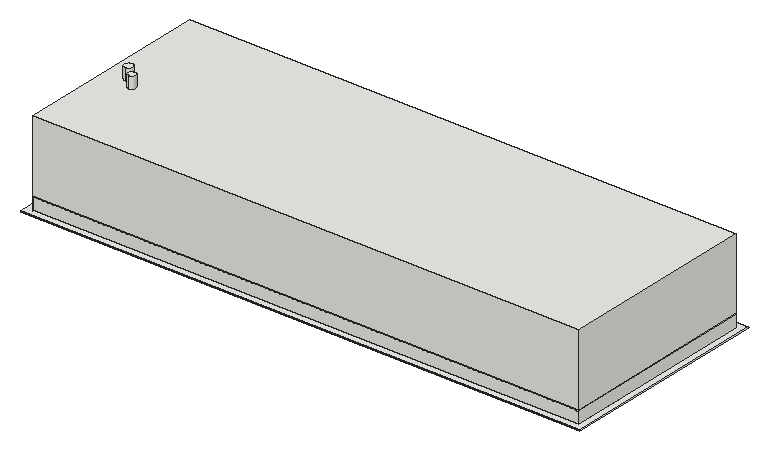
Revit family "AIRTECNICS_AIR CURTAIN_RECESSED WINDBOX_MG_DX-VRV_(DAIKIN)_0", category Mechanical Equipment, Revit 2016
Family settings
  Part Type = Normal
  Round Connector Dimension = Use Diameter
  OmniClass Number = 23.75.70.21.17
  OmniClass Title = Air Curtains
  Work Plane-Based = No
  Always vertical = Yes
  Cut with Voids When Loaded = No
  Shared = No
  Room Calculation Point = No
Parameters (values of type "WINDBOX RECM 2000 DX16-DA")
  · PIPES POSITION · [instance] = "-/ Select Pipes Position /-"  # constant formula
  · OTHERS · [instance] = "-/ Select Supports - Inst.Maint. Space /-"  # constant formula
  · HEATING · = "-/ Heating /-"  # constant formula
  · EXTERNAL UNIT · [instance] = "-/ External Unit Type /-"  # constant formula
  · COIL ROWS · = "-/ DX Coil Rows /-"  # constant formula
  Weight [instance] = size_lookup(Name_Lookup_Data, "Weight", 1.00 kg, CM, CT, CH, CR)  # 122.00 kg
  Voltage [instance] = 230 V  # constant formula
  URL_Manufacturer = "https://www.airtecnics.com"
  URL_Datasheet = "https://www.airtecnics.com/download/file/5855/recessed-windbox-dx-daikin-1-1-and-vrv.pdf"
  Triple Phase (External Ut.) [instance] = yes
  Supports Length [instance] = 500.0 mm
  Supports (Horizontal) [instance] = no
  Single Phase (External Ut.) [instance] = not([Triple Phase (External Ut.)])  # no
  Revit Version = "Revit 2016 - English"  # constant formula
  Review Date = "11/18"  # constant formula
  Remote Control = "-"  # constant formula
  Refrigerant Pipes_P4 [instance] = no
  Refrigerant Pipes_P3 [instance] = no
  Refrigerant Pipes_P2 [instance] = if(CW = 0, 1 = 1, 1 = 0)  # yes
  Refrigerant Pipes_P1 [instance] = no
  Product Size = if(CT = 2, "1000", if(CT = 4, "1500", if(CT = 8, "2000", if(CT = 16, "2500", if(CT = 32, "3000", "Consult Manufacturer")))))  # "2000"
  Product Reference [instance] = size_lookup(Name_Lookup_Ref, "", "Consult Manufacturer", CM, CT, CH, CR)  # "RECM 2000 DX16-DA"
  Product Heating [instance] = if(DX 1:1, "Direct Expansion 1:1 system", "Direct Expansion VRV system")  # "Direct Expansion 1:1 system"
  Product Description [instance] = size_lookup(Name_Lookup_Data, "", "Consult Manufacturer", CM, CT, CH, CR)  # "Energy saving heat pump air curtain: Up to 70% reduction in costs and CO2 emissions (heating mode).\r\nSelf-supporting casing construction made of galvanized steel plate, ready to be installed recessed in a false ceiling. \r\nInlet grille (free of maintenance) made with aluminium profiles and blow-out nozzle, integrated in a single white frame colour RAL 9016. Other colours are available on request.  Internal prefilter included.\r\nAnodized aluminium outlet vanes, airfoil shaped, adjustable in both directions.\r\nDouble-inlet centrifugal fans driven by an external rotor motor and low noise level. 5-speed selector. EC models assembled with very low consumption efficiency fans. \r\nIncludes only heating direct expansion coil with installed temperature sensors. Under request it can be modified to work in cooling and heating mode (not recomended) with optional condensate water pump.\r\nPlug&Play control panel CS-5DX-NE slave DX with 5 speeds selector and 7m telephone cable included.\r\nReady to connect to DAIKIN Inverter outdoor heat pump unit (R410A) and EKEXV125 expansion valve not included, the customer should purchase it.\r\nRequires EKEQDCB DAIKIN DX Interface KIT adapted for air curtain and BRC1H519W programmable control, please consult.\r\nAir Volume: 3280 m3/h \r\nFans:  0,284 kW  2,48 A 230Vx1 50/60Hz\r\nHeating capacity: 16,00 kW\r\nDimensions: 770x310x2050 mm (depth, height, length)\r\nNOT SUPPLIED BY AIRTÈCNICS:\r\nEKEQDCB Interface DX kit and BRC1H519W programmable control.\r\nExpansion valve EKEXV125.\r\nExternal unit:\r\nOption 1: ERQ 125 AV1\r\nExternal unit Daikin, single phase motor 230Vx1 50Hz.\r\nHeating capacity 16kW. Heating power: 3,86kW. COP 4,15.\r\nCooling capacity 14kW. Cooling power 3,51kW. EER 3,99.\r\nCooling circuits 5/8\" - 3/8\".\r\nMaximum length 55m.\r\nDesnivell màxim 35m.\r\nOption 2: ERQ 125 AW1\r\nExternal unit Daikin, triple phase motor 400Vx3 50Hz.\r\nHeating capacity 16kW. Heating power: 4kW. COP 4.\r\nCooling capacity 14kW. Cooling power 3,52kW. EER 3,98.\r\nCooling circuits 5/8\" - 3/8\".\r\nMaximum length 55m.\r\nDesnivell màxim 30m."
  Power Fans Factor [instance] = size_lookup(Name_Lookup_Data, "Power Fans Factor", 1, CM, CT, CH, CR)  # 0.5
  Power Fans [instance] = size_lookup(Name_Lookup_Data, "Power Fans", 1 kW, CM, CT, CH, CR)  # 0.284 kW
  Noise Level (dB(A)) [instance] = size_lookup(Name_Lookup_Data, "Noise Level (dB(A))", 1, CM, CT, CH, CR)  # 58
  Name_Lookup_Ref_EU = "R_WINDBOX_MG_(DX)_DA_Ref_EU_Lookup"  # constant formula
  Name_Lookup_Ref = "R_WINDBOX_MG_(DX)_DA_Ref_Lookup"  # constant formula
  Name_Lookup_Data3 = "R_WINDBOX_MG_(DX)_DA_ExpValve_Lookup"  # constant formula
  Name_Lookup_Data2 = "R_WINDBOX_MG_(DX)_DA_Mainfolds_Lookup"  # constant formula
  Name_Lookup_Data = "R_WINDBOX_MG_(DX)_DA_Data_Lookup"  # constant formula
  Material Inlet Grille [instance] = AIRTECNICS_White RAL 9016
  Material Curtain [instance] = AIRTECNICS_White RAL 9016
  Mainfolds [instance] = size_lookup(Name_Lookup_Data2, "", "Consult Manufacturer", CM, CT, CH, CR)  # "5/8 & 3/8"
  M = yes
  Length = if(CT = 2, 1050.0 mm, if(CT = 4, 1550.0 mm, if(CT = 8, 2050.0 mm, if(CT = 16, 2550.0 mm, L + 50.0 mm))))  # 2050.0 mm
  IfcExportType = "DXCOOLINGCOIL"  # constant formula
  IfcExportAs = "IfcCoilType"  # constant formula
  Height = 310.0 mm  # constant formula
  Heating Capacity [instance] = size_lookup(Name_Lookup_Data, "Heating Capacity", 1 kW, CM, CT, CH, CR)  # 16 kW
  Gas Coil Volume [instance] = size_lookup(Name_Lookup_Data, "Gas Coil Volume", 1.00 L, CM, CT, CH, CR)  # 3.10 L
  G = no
  Frequency = 50 Hz  # constant formula
  Fans Stage = 5  # constant formula
  Family Version = "1.0"  # constant formula
  External Ut. Reference [instance] = size_lookup(Name_Lookup_Ref_EU, "", "Consult Manufacturer", CM, CT, CH, CR, CEU)  # "ERQ 125 AW1"
  Expansion Valve [instance] = size_lookup(Name_Lookup_Data3, "", "Consult Manufacturer", CM, CT, CH, CR)  # "EKEXV 125"
  EC = yes
  Dn_Metric_Refrig_Liquid [instance] = size_lookup(Name_Lookup_Data2, "Dn_Liquid", 1 mm, CM, CT, CH, CR)  # 10 mm
  Dn_Metric_Refrig_Gas [instance] = size_lookup(Name_Lookup_Data2, "Dn_Gas", 1 mm, CM, CT, CH, CR)  # 16 mm
  Depth = 770.0 mm  # constant formula
  DX VRV = not(DX 1:1)  # no
  DX Kit [instance] = if(DX VRV, "EKEQMCBA", "EKEQDCB")  # "EKEQDCB"
  DX Controller [instance] = "BRC1H519W"  # constant formula
  DX Coil Rows = 4 = no
  DX Coil Rows = 3 = not([DX Coil Rows = 4])  # yes
  DX Coil Rows [instance] = if(CR = 2, 4, if(CR = 4, 3, if(CR = 0, 2, 0)))  # 3
  DX 1:1 = yes
  Current Fans [instance] = size_lookup(Name_Lookup_Data, "Current Fans", 1 A, CM, CT, CH, CR)  # 2.48 A
  Created by = "BIMETRICAL"  # constant formula
  Control [instance] = "CS-5DX-NE"  # constant formula
  Capacity_Frig_Liquid [instance] = 0 m³/h
  Capacity_Frig_Gas [instance] = 0 m³/h
  Cable = "CB7"  # constant formula
  URL = "https://www.airtecnics.com/products/heat-pump-air-curtain-recessed-windbox-for-daikin"
  Model = "Air Curtain Recessed Windbox M,G DX/VRV DA"  # constant formula
  L = 2000.0 mm
  Type Image = <None>
  Manufacturer = "AIRTECNICS"  # constant formula
  Description = ""
  Type Comments = "Energy saving heat pump air curtain: Up to 70% reduction in costs and CO2 emissions (heating mode).\r\nSelf-supporting casing construction made of galvanized steel plate, ready to be installed recessed in a false ceiling. \r\nInlet grille (free of maintenance) made with aluminium profiles and blow-out nozzle, integrated in a single white frame colour RAL 9016. Other colours are available on request.  Internal prefilter included.\r\nAnodized aluminium outlet vanes, airfoil shaped, adjustable in both directions.\r\nDouble-inlet centrifugal fans driven by an external rotor motor and low noise level. 5-speed selector. EC models assembled with very low consumption efficiency fans. \r\nIncludes only heating direct expansion coil with installed temperature sensors. Under request it can be modified to work in cooling and heating mode (not recomended) with optional condensate water pump.\r\nPlug&Play control panel CS-5DX-NE slave DX with 5 speeds selector and 7m telephone cable included.\r\nDX 1:1:\r\nReady to connect to DAIKIN Inverter outdoor heat pump unit (R410A) and expansion valve not included, the customer should purchase it.\r\nRequires  DAIKIN DX Interface KIT adapted for air curtain and  programmable control, please consult.\r\nDX VRF:\r\nReady to connect to DAIKIN VRV outdoor heat pump unit (R410A) and expansion valve not included, the customer should purchase it.\r\nRequires  DAIKIN VRV Interface KIT adapted for air curtain and  programmable control, please consult."  # constant formula
  CW [instance] = if(Refrigerant Pipes_P1, 2, 0) + if(Refrigerant Pipes_P3, 4, 0) + if(Refrigerant Pipes_P4, 8, 0)  # 0
  CT = if(L = 1000.0 mm, 2, 0) + if(L = 1500.0 mm, 4, 0) + if(L = 2000.0 mm, 8, 0) + if(L = 2500.0 mm, 16, 0) + if(L = 3000.0 mm, 32, 0)  # 8
  CR [instance] = if([DX Coil Rows = 4], 2, 0) + if([DX Coil Rows = 3], 4, 0)  # 4
  CM = if(M, 2, 0) + if(EC, 4, 0) + if(G, 8, 0)  # 6
  CH [instance] = if(DX 1:1, 2, 0) + if(DX VRV, 4, 0)  # 2
  CEU [instance] = if([Single Phase (External Ut.)], 2, 0) + if([Triple Phase (External Ut.)], 4, 0)  # 4
  BIMETRICAL Category = "Coil"  # constant formula
  BIMETRICAL = "http://www.bimetrical.com/"  # constant formula
  Aspiration/Maintenance Space [instance] = no
  Apparent Load [instance] = size_lookup(Name_Lookup_Data, "Apparent Load", 1 VA, CM, CT, CH, CR)  # 568 VA
  Airflow [instance] = size_lookup(Name_Lookup_Data, "Airflow", 1 m³/h, CM, CT, CH, CR)  # 3280 m³/h
Reference planes
  plane 1 "Centro (Frontal/Posterior)": z = 0
  plane 2: y = 246.57
  plane 3 "Centro (Izquierda/Derecha)": x = 0
Nested families
  nested 1: "GEOM_WINDBOX_P_RECESSED_DX" at (0, 130, 48), L <- "L", ViHS <- "Supports (Horizontal)", Support Length <- "Supports Length", Aspiration/Maintenance Space <- "Aspiration/Maintenance Space", CW <- "CW", Material Curtain <- "Material Curtain", Material Inlet Grille <- "Material Inlet Grille", type "Air curtain Recessed Windbox DX"
    with ViHSC no, ViHS no, Vi2 no, Vi1 yes, TI 9, Support Length 500.0 mm, Position Water pipes OUT connection "--------------------------------", Position Water pipes IN connection "--------------------------------", Material Inlet Grille AIRTECNICS_White RAL 9016, Material Curtain AIRTECNICS_White RAL 9016, LiS 760.0 mm, Li9 114.0 mm, Li8 0.0 mm, Li7 52.0 mm, Li6 720.0 mm, Li16 10.0 mm, Li15 10.0 mm, Li14 260.0 mm, Li13 76.0 mm, Li12 0.0 mm, Li11 85.0 mm, Li10 260.0 mm, L 2000.0 mm, D_Liquid 27.0 mm, D_Gas 31.0 mm, CW 0, Aspiration/Maintenance Space no, AnWCO 90.00°, AnWCI 90.00°
Connectors
  electrical at (859, 510.57, 308), driven by "Voltage", driven by "Apparent Load", driven by "Power Fans Factor", driven by "Apparent Load"
    settings: on nested 1, index 1, voltage 230 V, apparent load 568 VA, apparent load phase1 568 VA, apparent load phase2 0 VA, apparent load phase3 0 VA, power factor 0.5, load classification "HVAC", number of poles 1, system type 30, power factor state 1, is connector primary yes, connector utility no, sub classification motor no, connector description ""
  piping at (-924, 231.57, 348), diameter 16, driven by "Dn_Metric_Refrig_Gas", driven by "Capacity_Frig_Gas"
    settings: on nested 1, index 2, connector inside diameter 609.6 mm, connector length 0.0 mm, flow factor 0, pipe flow 0 m³/h, pressure drop 0.0 Pa, fitting loss kfactor 0, connector angle 0.00°, fixture units 0, engagement length 0.0 mm, angle of deflection 0.00°, flow configuration 1, flow direction 1, fitting loss method 0, system type 7, joint type 0, gender type 0, connector reference index -1, connector utility 0, adjustable connector no, is connector primary yes, connector description "(gas) refrigerant connection"
  piping at (-886, 198.57, 348), diameter 10, driven by "Dn_Metric_Refrig_Liquid", driven by "Capacity_Frig_Liquid"
    settings: on nested 1, index 3, connector inside diameter 609.6 mm, connector length 0.0 mm, flow factor 0, pipe flow 0 m³/h, pressure drop 0.0 Pa, fitting loss kfactor 0, connector angle 0.00°, fixture units 0, engagement length 0.0 mm, angle of deflection 0.00°, flow configuration 1, flow direction 2, fitting loss method 0, system type 8, joint type 0, gender type 0, connector reference index -1, connector utility 0, adjustable connector no, is connector primary no, connector description "(liquid) refrigerant connection"
Definition of nested family "GEOM_WINDBOX_P_RECESSED_DX"
  Parameters (values of type "Air curtain Recessed Windbox DX")
    ViHSC [instance] = if(and(ViHS, L > 1000.0 mm), 1 = 1, 1 = 0)  # no
    Vi2 [instance] = if(L = 2500.0 mm, 1 = 1, 1 = 0)  # yes
    Vi1 [instance] = not(Vi2)  # no
    TI [instance] = if(L = 1000.0 mm, 5, if(L = 1500.0 mm, 7, if(L = 2000.0 mm, 9, if(L = 2500.0 mm, 11, L / 200.0 mm))))  # 11
    Name_Lookup_WaterCoils = "R_WINDBOX_MG_DX_(P)_WaterCoil_Lookup"  # constant formula
    Material Outlet Grille = none
    Material II = none
    Material I = none
    Material Inlet Grille [instance] = none
    Li16 [instance] = if(CW = 2, 100.0 mm, 10.0 mm)  # 10.0 mm
    Li15 [instance] = if(CW = 8, 100.0 mm, 10.0 mm)  # 10.0 mm
    Li14 [instance] = size_lookup(Name_Lookup_WaterCoils, "Li14", 260.0 mm, CW)  # 260.0 mm
    Li13 [instance] = if(CW = 4, L - 114.0 mm, if(CW = 2, 1.0 mm, if(CW = 8, L - 1.0 mm, 76.0 mm)))  # 76.0 mm
    Li12 [instance] = size_lookup(Name_Lookup_WaterCoils, "Li12", 0.0 mm, CW)  # 0.0 mm
    Li11 [instance] = size_lookup(Name_Lookup_WaterCoils, "Li11", 85.0 mm, CW)  # 85.0 mm
    D_Liquid [instance] = 27.0 mm  # constant formula
    D_Gas [instance] = 31.0 mm  # constant formula
    CW [instance] = 0
    AnWCO [instance] = size_lookup(Name_Lookup_WaterCoils, "AnWCO", 90.00°, CW)  # 90.00°
    Position Water pipes IN connection [instance] = "--------------------------------"  # constant formula
    Position Water pipes OUT connection [instance] = "--------------------------------"  # constant formula
    ViHS [instance] = no
    Support Length [instance] = 500.0 mm
    AnWCI [instance] = size_lookup(Name_Lookup_WaterCoils, "AnWCI", 90.00°, CW)  # 90.00°
    LiS [instance] = Support Length + 260.0 mm  # 760.0 mm
    Revit Version = "Revit 2016 - English"  # constant formula
    Review Date = "11/18"  # constant formula
    Material Curtain [instance] = none
    Li9 [instance] = if(CW = 4, L - 76.0 mm, if(CW = 2, 1.0 mm, if(CW = 8, L - 1.0 mm, 114.0 mm)))  # 114.0 mm
    Li7 [instance] = size_lookup(Name_Lookup_WaterCoils, "Li7", 52.0 mm, CW)  # 52.0 mm
    Li6 [instance] = Depth  # 720.0 mm
    Li8 [instance] = size_lookup(Name_Lookup_WaterCoils, "Li8", 0.0 mm, CW)  # 0.0 mm
    Li10 [instance] = size_lookup(Name_Lookup_WaterCoils, "Li10", 260.0 mm, CW)  # 260.0 mm
    Family Version = "1.0"  # constant formula
    Depth = 720.0 mm  # constant formula
    Default Elevation = 1219.2 mm
    Created by = "BIMETRICAL"  # constant formula
    URL = "https://www.airtecnics.com/products/heat-pump-and-energy-saving-air-curtains"
    Model = "Air curtain Recessed Windbox DX"  # constant formula
    L [instance] = 2500.0 mm
    Type Image = (empty or 0)
    Manufacturer = "AIRTECNICS"  # constant formula
    Description = "AIRTECNICS_Air curtain Recessed Windbox DX"  # constant formula
    Type Comments = ""
    BIMETRICAL Category = "Fan"  # constant formula
    BIMETRICAL = "http://www.bimetrical.com/"  # constant formula
    Aspiration/Maintenance Space [instance] = no
  Reference planes
    plane 1 "Centro (Frontal/Posterior)": z = 0
    plane 2: y = 246.57
    plane 3 "Centro (Izquierda/Derecha)": x = 0
    plane 4: z = 260
    plane 5: y = 476.57
    plane 6: y = 16.57
    plane 7: x = -1250
    plane 8: x = 1250
    plane 9: x = -1210
    plane 10: x = 1210
    plane 11: y = 442.57
    plane 12: y = 145.57
    plane 13: y = -223.43
    plane 14: x = -1136
    plane 15 "P1-01": y = 68.57
    plane 16 "P1-02": z = 0
    plane 17 "P2-01": x = -1174
    plane 18 "P2-02": z = 0
    plane 19 "P2-03": y = 101.57
    plane 20: y = -243.43
    plane 21: y = 501.57
    plane 22: x = 1275
    plane 23: y = -268.43
    plane 24: z = -48
    plane 25: z = -50
    plane 26: x = 1248
    plane 27: x = -1248
    plane 28: x = -418.5
    plane 29: x = 418.5
    plane 30: x = -1203.5
    plane 31: x = 1203.5
    plane 32: x = -962.8
    plane 33: x = -722.1
    plane 34: x = -481.4
    plane 35: z = -250
    plane 36: y = -241.454
    plane 37: y = -9.53
    plane 38: x = 1335
    plane 39: x = -1425
    plane 40: x = -240.7
    plane 41: x = 0
    plane 42: x = 240.7
    plane 43: x = 481.4
    plane 44: x = 722.1
    plane 45: x = 962.8
  Forms (mm)
    Extrusion 1, solid, material <- "Material Inlet Grille"
      sketch origin (0, 0, -50) x (1, 0, 0) y (0, 1, 0)
        loop
          line (-1250, 476.57) -> (-1250, -243.43) -> (1250, -243.43) -> (1250, 476.57) -> (-1250, 476.57)
      from 0 to 50
    Extrusion 2, void, detail levels medium+fine
      sketch origin (0, 0, -50) x (1, 0, 0) y (0, 1, 0)
        loop
          line (-1249, 474.57) -> (-1249, 387.47) -> (1249, 387.47) -> (1249, 474.57) -> (-1249, 474.57)
      from 0 to 46
    Extrusion 3, solid, material <- "Material Curtain", not visible
      sketch origin (559.734, 0, 0) x (1, 0, 0) y (0, 1, 0)
        loop
          line (613.266, 405.57) -> (485.266, 405.57) -> (485.266, 355.57) -> (613.266, 355.57) -> (613.266, 405.57)
      from 260 to 259
    Extrusion 4, solid, visible <- "ViHS"
      sketch origin (0, 0, 0) x (1, 0, 0) y (0, 1, 0)
        loop
          circle (-1210, 442.57) r 3.375
      from 260 to 760 <- "LiS"
    Extrusion 5, solid, visible <- "ViHSC"
      sketch origin (1185, 0, 0) x (1, 0, 0) y (0, 1, 0)
        loop
          circle (-1185, 442.57) r 3.375
      from 260 to 760 <- "LiS"
    Extrusion 6, solid, visible <- "ViHS"
      sketch origin (2385, 0, 0) x (1, 0, 0) y (0, 1, 0)
        loop
          circle (-1175, 442.57) r 3.375
      from 260 to 760 <- "LiS"
    Extrusion 7, solid, visible <- "ViHSC"
      sketch origin (1185, -240, 0) x (1, 0, 0) y (0, 1, 0)
        loop
          circle (-1185, 385.57) r 3.375
      from 260 to 760 <- "LiS"
    Extrusion 8, solid, visible <- "ViHS"
      sketch origin (2344.293, -280.483, 0) x (1, 0, 0) y (0, 1, 0)
        loop
          circle (-1134.293, 426.053) r 3.375
      from 260 to 760 <- "LiS"
    Extrusion 9, solid, visible <- "ViHS"
      sketch origin (9.293, -280.483, 0) x (1, 0, 0) y (0, 1, 0)
        loop
          circle (-1219.293, 426.053) r 3.375
      from 260 to 760 <- "LiS"
    Extrusion 10, solid, visible <- "Aspiration/Maintenance Space"
      sketch origin (0, 0, -50) x (1, 0, 0) y (0, 1, 0)
        loop
          line (-1250, 476.57) -> (-1250, -243.43) -> (1250, -243.43) -> (1250, 476.57) -> (-1250, 476.57)
      from 310 to 410
    Extrusion 11, solid, visible <- "Aspiration/Maintenance Space"
      sketch origin (230, 246.57, 5) x (1, 0, 0) y (0, 0, 1)
        loop
          line (1020, 255) -> (1020, -53) -> (1030, -53) -> (1030, 255) -> (1020, 255)
      from -230 to 490
    Extrusion 12, solid, visible <- "Aspiration/Maintenance Space"
      sketch origin (-2520, 246.57, 5) x (1, 0, 0) y (0, 0, 1)
        loop
          line (1260, 255) -> (1260, -53) -> (1270, -53) -> (1270, 255) -> (1260, 255)
      from -230 to 490
    Extrusion 13, solid, visible <- "ViHSC"
      sketch origin (1185, -609, 0) x (1, 0, 0) y (0, 1, 0)
        loop
          circle (-1185, 385.57) r 3.375
      from 260 to 760 <- "LiS"
    Extrusion 14, solid, visible <- "ViHS"
      sketch origin (2344.293, -649.483, 0) x (1, 0, 0) y (0, 1, 0)
        loop
          circle (-1134.293, 426.053) r 3.375
      from 260 to 760 <- "LiS"
    Extrusion 15, solid, visible <- "ViHS"
      sketch origin (9.293, -649.483, 0) x (1, 0, 0) y (0, 1, 0)
        loop
          circle (-1219.293, 426.053) r 3.375
      from 260 to 760 <- "LiS"
    Extrusion 16, solid, material <- "Material Curtain"
      sketch origin (-1174, 101.57, 260) x (0, -1, 0) y (1, 0, 0)
        loop
          circle (0, 0) r 15.5
      from 0 to 40
    Extrusion 17, solid, material <- "Material Curtain"
      sketch origin (-1136, 68.57, 260) x (0, -1, 0) y (1, 0, 0)
        loop
          circle (0, 0) r 13.5
      from 0 to 40
    Extrusion 18, solid, material <- "Material Inlet Grille"
      sketch origin (-54.078, -166.435, -50) x (1, 0, 0) y (0, 1, 0)
        loop
          line (-1220.922, -101.996) -> (1329.078, -101.996) -> (1329.078, 668.004) -> (-1220.922, 668.004) -> (-1220.922, -101.996)
        loop
          line (-1195.922, -76.996) -> (1304.078, -76.996) -> (1304.078, 643.004) -> (-1195.922, 643.004) -> (-1195.922, -76.996)
      from 0 to 2
    Sweep 19, void
      path origin (0, 0, -50) x (1, 0, 0) y (0, 1, 0)
        loop
          line (-1250, 476.57) -> (-1250, -243.43) -> (1250, -243.43) -> (1250, 476.57) -> (-1250, 476.57)
      profile origin (0, 476.57, -50) x (0, 1, 0) y (0, 0, 1)
        loop
          line (0, 46) -> (0, 50) -> (-4, 50)
          arc (-4, 50) -> (-1.172, 48.828) -> (0, 46) r 4
    Extrusion 20, solid, material <- "Material Outlet Grille"
      sketch origin (0, 0, 0) x (0, 1, 0) y (0, 0, 1)
        loop
          line (452.413, -27.506) -> (455.591, -46.036)
          arc (455.591, -46.036) -> (457.07, -47.282) -> (458.548, -46.036) r 1.5
          line (458.548, -46.036) -> (461.726, -27.506)
          arc (461.726, -27.506) -> (457.07, -21.982) -> (452.413, -27.506) r 4.725
        loop
          arc (429.342, -46.036) -> (430.82, -47.282) -> (432.299, -46.036) r 1.5
          line (432.299, -46.036) -> (435.477, -27.506)
          arc (435.477, -27.506) -> (430.82, -21.982) -> (426.163, -27.506) r 4.725
          line (426.163, -27.506) -> (429.342, -46.036)
        loop
          arc (409.976, -27.506) -> (405.319, -21.982) -> (400.662, -27.506) r 4.725
          line (400.662, -27.506) -> (403.84, -46.036)
          arc (403.84, -46.036) -> (405.319, -47.282) -> (406.797, -46.036) r 1.5
          line (406.797, -46.036) -> (409.976, -27.506)
      from -1248 to 1248
    Extrusion 21, void, detail levels medium+fine
      sketch origin (0, -484.3, -50) x (1, 0, 0) y (0, 1, 0)
        loop
          line (-1249, 474.77) -> (-1249, 242.846) -> (1249, 242.846) -> (1249, 474.77) -> (-1249, 474.77)
      from 0 to 46
    Extrusion 22, solid, material <- "Material Curtain"
      sketch origin (0, 0, -50) x (1, 0, 0) y (0, 1, 0)
        loop
          line (-1250, 476.57) -> (-1250, -243.43) -> (1250, -243.43) -> (1250, 476.57) -> (-1250, 476.57)
      from 50 to 310
    Extrusion 23, solid, material <- "Material II", visible <- "Vi1"
      sketch origin (0, 0, 0) x (0, 1, 0) y (0, 0, 1)
        loop
          line (474.57, -4) -> (400.57, -4) -> (400.57, -47.504) -> (474.57, -47.504) -> (474.57, -4)
      from -7.5 to 7.5
    Extrusion 24, solid, material <- "Material I"
      sketch origin (1191.816, 0, 0) x (0, 1, 0) y (0, 0, 1)
        loop
          arc (402.126, -44.927) -> (403.13, -46.77) -> (405.096, -47.504) r 3
          line (405.096, -47.504) -> (431.043, -47.504)
          arc (431.043, -47.504) -> (433.022, -46.759) -> (434.017, -44.893) r 3
          line (434.017, -44.893) -> (437.046, -21.725)
          arc (437.046, -21.725) -> (436.086, -18.568) -> (433.08, -17.207) r 4
          line (433.08, -17.207) -> (403.059, -17.207)
          arc (403.059, -17.207) -> (400.04, -18.583) -> (399.098, -21.764) r 4
          line (399.098, -21.764) -> (402.126, -44.927)
      from 53.181 to 56.184
    Extrusion 25, solid, material <- "Material I", visible <- "Vi1"
      sketch origin (-45.681, 0, 0) x (0, 1, 0) y (0, 0, 1)
        loop
          arc (402.126, -44.927) -> (403.13, -46.77) -> (405.096, -47.504) r 3
          line (405.096, -47.504) -> (431.043, -47.504)
          arc (431.043, -47.504) -> (433.022, -46.759) -> (434.017, -44.893) r 3
          line (434.017, -44.893) -> (437.046, -21.725)
          arc (437.046, -21.725) -> (436.086, -18.568) -> (433.08, -17.207) r 4
          line (433.08, -17.207) -> (403.059, -17.207)
          arc (403.059, -17.207) -> (400.04, -18.583) -> (399.098, -21.764) r 4
          line (399.098, -21.764) -> (402.126, -44.927)
      from 53.181 to 56.184
    Extrusion 26, solid, material <- "Material I", visible <- "Vi1"
      sketch origin (-63.684, 0, 0) x (0, 1, 0) y (0, 0, 1)
        loop
          arc (402.126, -44.927) -> (403.13, -46.77) -> (405.096, -47.504) r 3
          line (405.096, -47.504) -> (431.043, -47.504)
          arc (431.043, -47.504) -> (433.022, -46.759) -> (434.017, -44.893) r 3
          line (434.017, -44.893) -> (437.046, -21.725)
          arc (437.046, -21.725) -> (436.086, -18.568) -> (433.08, -17.207) r 4
          line (433.08, -17.207) -> (403.059, -17.207)
          arc (403.059, -17.207) -> (400.04, -18.583) -> (399.098, -21.764) r 4
          line (399.098, -21.764) -> (402.126, -44.927)
      from 53.181 to 56.184
    Extrusion 27, solid, material <- "Material II", visible <- "Vi2", not visible
      sketch origin (0, 0, 0) x (0, 1, 0) y (0, 0, 1)
        loop
          line (474.57, -4) -> (400.57, -4) -> (400.57, -47.504) -> (474.57, -47.504) -> (474.57, -4)
      from -7.5 to 7.5
    Extrusion 28, solid, material <- "Material I", visible <- "Vi2", not visible
      sketch origin (-45.681, 0, 0) x (0, 1, 0) y (0, 0, 1)
        loop
          arc (402.126, -44.927) -> (403.13, -46.77) -> (405.096, -47.504) r 3
          line (405.096, -47.504) -> (431.043, -47.504)
          arc (431.043, -47.504) -> (433.022, -46.759) -> (434.017, -44.893) r 3
          line (434.017, -44.893) -> (437.046, -21.725)
          arc (437.046, -21.725) -> (436.086, -18.568) -> (433.08, -17.207) r 4
          line (433.08, -17.207) -> (403.059, -17.207)
          arc (403.059, -17.207) -> (400.04, -18.583) -> (399.098, -21.764) r 4
          line (399.098, -21.764) -> (402.126, -44.927)
      from 53.181 to 56.184
    Extrusion 29, solid, material <- "Material I", visible <- "Vi2", not visible
      sketch origin (-63.684, 0, 0) x (0, 1, 0) y (0, 0, 1)
        loop
          arc (402.126, -44.927) -> (403.13, -46.77) -> (405.096, -47.504) r 3
          line (405.096, -47.504) -> (431.043, -47.504)
          arc (431.043, -47.504) -> (433.022, -46.759) -> (434.017, -44.893) r 3
          line (434.017, -44.893) -> (437.046, -21.725)
          arc (437.046, -21.725) -> (436.086, -18.568) -> (433.08, -17.207) r 4
          line (433.08, -17.207) -> (403.059, -17.207)
          arc (403.059, -17.207) -> (400.04, -18.583) -> (399.098, -21.764) r 4
          line (399.098, -21.764) -> (402.126, -44.927)
      from 53.181 to 56.184
    Extrusion 30, solid, material <- "Material II", visible <- "Vi2"
      sketch origin (418.5, 0, 0) x (0, 1, 0) y (0, 0, 1)
        loop
          line (474.57, -4) -> (400.57, -4) -> (400.57, -47.504) -> (474.57, -47.504) -> (474.57, -4)
      from -7.5 to 7.5
    Extrusion 31, solid, material <- "Material I", visible <- "Vi2"
      sketch origin (372.819, 0, 0) x (0, 1, 0) y (0, 0, 1)
        loop
          arc (402.126, -44.927) -> (403.13, -46.77) -> (405.096, -47.504) r 3
          line (405.096, -47.504) -> (431.043, -47.504)
          arc (431.043, -47.504) -> (433.022, -46.759) -> (434.017, -44.893) r 3
          line (434.017, -44.893) -> (437.046, -21.725)
          arc (437.046, -21.725) -> (436.086, -18.568) -> (433.08, -17.207) r 4
          line (433.08, -17.207) -> (403.059, -17.207)
          arc (403.059, -17.207) -> (400.04, -18.583) -> (399.098, -21.764) r 4
          line (399.098, -21.764) -> (402.126, -44.927)
      from 53.181 to 56.184
    Extrusion 32, solid, material <- "Material I", visible <- "Vi2"
      sketch origin (354.816, 0, 0) x (0, 1, 0) y (0, 0, 1)
        loop
          arc (402.126, -44.927) -> (403.13, -46.77) -> (405.096, -47.504) r 3
          line (405.096, -47.504) -> (431.043, -47.504)
          arc (431.043, -47.504) -> (433.022, -46.759) -> (434.017, -44.893) r 3
          line (434.017, -44.893) -> (437.046, -21.725)
          arc (437.046, -21.725) -> (436.086, -18.568) -> (433.08, -17.207) r 4
          line (433.08, -17.207) -> (403.059, -17.207)
          arc (403.059, -17.207) -> (400.04, -18.583) -> (399.098, -21.764) r 4
          line (399.098, -21.764) -> (402.126, -44.927)
      from 53.181 to 56.184
    Extrusion 33, solid, visible <- "Vi1", not visible
      sketch origin (1185, 0, 0) x (1, 0, 0) y (0, 1, 0)
        loop
          circle (-1185, 442.57) r 3.375
      from 260 to 760 <- "LiS"
    Extrusion 34, solid, material <- "Material II", visible <- "Vi1", not visible
      sketch origin (0, 0, 0) x (0, 1, 0) y (0, 0, 1)
        loop
          line (474.57, -4) -> (400.57, -4) -> (400.57, -47.504) -> (474.57, -47.504) -> (474.57, -4)
      from -7.5 to 7.5
    Extrusion 35, solid, material <- "Material I", visible <- "Vi1", not visible
      sketch origin (-45.681, 0, 0) x (0, 1, 0) y (0, 0, 1)
        loop
          arc (402.126, -44.927) -> (403.13, -46.77) -> (405.096, -47.504) r 3
          line (405.096, -47.504) -> (431.043, -47.504)
          arc (431.043, -47.504) -> (433.022, -46.759) -> (434.017, -44.893) r 3
          line (434.017, -44.893) -> (437.046, -21.725)
          arc (437.046, -21.725) -> (436.086, -18.568) -> (433.08, -17.207) r 4
          line (433.08, -17.207) -> (403.059, -17.207)
          arc (403.059, -17.207) -> (400.04, -18.583) -> (399.098, -21.764) r 4
          line (399.098, -21.764) -> (402.126, -44.927)
      from 53.181 to 56.184
    Extrusion 36, solid, material <- "Material I", visible <- "Vi1", not visible
      sketch origin (-63.684, 0, 0) x (0, 1, 0) y (0, 0, 1)
        loop
          arc (402.126, -44.927) -> (403.13, -46.77) -> (405.096, -47.504) r 3
          line (405.096, -47.504) -> (431.043, -47.504)
          arc (431.043, -47.504) -> (433.022, -46.759) -> (434.017, -44.893) r 3
          line (434.017, -44.893) -> (437.046, -21.725)
          arc (437.046, -21.725) -> (436.086, -18.568) -> (433.08, -17.207) r 4
          line (433.08, -17.207) -> (403.059, -17.207)
          arc (403.059, -17.207) -> (400.04, -18.583) -> (399.098, -21.764) r 4
          line (399.098, -21.764) -> (402.126, -44.927)
      from 53.181 to 56.184
    Extrusion 37, solid, material <- "Material II", visible <- "Vi2"
      sketch origin (-418.5, 0, 0) x (0, 1, 0) y (0, 0, 1)
        loop
          line (474.57, -4) -> (400.57, -4) -> (400.57, -47.504) -> (474.57, -47.504) -> (474.57, -4)
      from -7.5 to 7.5
    Extrusion 38, solid, material <- "Material I", visible <- "Vi2"
      sketch origin (-464.181, 0, 0) x (0, 1, 0) y (0, 0, 1)
        loop
          arc (402.126, -44.927) -> (403.13, -46.77) -> (405.096, -47.504) r 3
          line (405.096, -47.504) -> (431.043, -47.504)
          arc (431.043, -47.504) -> (433.022, -46.759) -> (434.017, -44.893) r 3
          line (434.017, -44.893) -> (437.046, -21.725)
          arc (437.046, -21.725) -> (436.086, -18.568) -> (433.08, -17.207) r 4
          line (433.08, -17.207) -> (403.059, -17.207)
          arc (403.059, -17.207) -> (400.04, -18.583) -> (399.098, -21.764) r 4
          line (399.098, -21.764) -> (402.126, -44.927)
      from 53.181 to 56.184
    Extrusion 39, solid, material <- "Material I", visible <- "Vi2"
      sketch origin (-482.184, 0, 0) x (0, 1, 0) y (0, 0, 1)
        loop
          arc (402.126, -44.927) -> (403.13, -46.77) -> (405.096, -47.504) r 3
          line (405.096, -47.504) -> (431.043, -47.504)
          arc (431.043, -47.504) -> (433.022, -46.759) -> (434.017, -44.893) r 3
          line (434.017, -44.893) -> (437.046, -21.725)
          arc (437.046, -21.725) -> (436.086, -18.568) -> (433.08, -17.207) r 4
          line (433.08, -17.207) -> (403.059, -17.207)
          arc (403.059, -17.207) -> (400.04, -18.583) -> (399.098, -21.764) r 4
          line (399.098, -21.764) -> (402.126, -44.927)
      from 53.181 to 56.184
    Extrusion 40, solid, material <- "Material Outlet Grille"
      sketch origin (0, -232.43, -85.237) x (1, 0, 0) y (0, 0, 1)
        loop
          circle (-1203.5, 56.137) r 4
      from -222.9 to 5
    Extrusion 41, solid, material <- "Material Outlet Grille"
      sketch origin (2407, -232.43, -85.237) x (1, 0, 0) y (0, 0, 1)
        loop
          circle (-1203.5, 56.137) r 4
      from -222.9 to 5
    Extrusion 42, solid, material <- "Material Outlet Grille"
      sketch origin (240.7, -232.43, -85.237) x (1, 0, 0) y (0, 0, 1)
        loop
          circle (-1203.5, 56.137) r 4
      from -222.9 to 5
    Extrusion 43, solid, material <- "Material Outlet Grille"
      sketch origin (481.4, -232.43, -85.237) x (1, 0, 0) y (0, 0, 1)
        loop
          circle (-1203.5, 56.137) r 4
      from -222.9 to 5
    Extrusion 44, solid, material <- "Material Outlet Grille"
      sketch origin (722.1, -232.43, -85.237) x (1, 0, 0) y (0, 0, 1)
        loop
          circle (-1203.5, 56.137) r 4
      from -222.9 to 5
    Extrusion 45, solid, material <- "Material I"
      sketch origin (-1301.181, 0, 0) x (0, 1, 0) y (0, 0, 1)
        loop
          arc (402.126, -44.927) -> (403.13, -46.77) -> (405.096, -47.504) r 3
          line (405.096, -47.504) -> (431.043, -47.504)
          arc (431.043, -47.504) -> (433.022, -46.759) -> (434.017, -44.893) r 3
          line (434.017, -44.893) -> (437.046, -21.725)
          arc (437.046, -21.725) -> (436.086, -18.568) -> (433.08, -17.207) r 4
          line (433.08, -17.207) -> (403.059, -17.207)
          arc (403.059, -17.207) -> (400.04, -18.583) -> (399.098, -21.764) r 4
          line (399.098, -21.764) -> (402.126, -44.927)
      from 53.181 to 56.184
    Extrusion 46, solid, material <- "Material Inlet Grille"
      sketch origin (0, -150, 0) x (0, 1, 0) y (0, 0, 1)
        loop
          line (136.77, -33.656) -> (122.009, -45.189)
          arc (122.009, -45.189) -> (118.063, -47.263) -> (113.64, -47.821) r 12.5
          line (113.64, -47.821) -> (113.57, -49.119)
          arc (113.57, -49.119) -> (118.453, -48.503) -> (122.809, -46.213) r 13.8
          line (122.809, -46.213) -> (137.57, -34.681)
          arc (137.57, -34.681) -> (138.306, -33.772) -> (138.57, -32.632) r 2.6
          line (138.57, -32.632) -> (138.57, -23.9) -> (137.27, -23.9) -> (137.27, -32.632)
          arc (137.27, -32.632) -> (137.138, -33.202) -> (136.77, -33.656) r 1.3
        loop
          line (111.77, -33.656) -> (97.009, -45.189)
          arc (97.009, -45.189) -> (93.063, -47.263) -> (88.64, -47.821) r 12.5
          line (88.64, -47.821) -> (88.57, -49.119)
          arc (88.57, -49.119) -> (93.453, -48.503) -> (97.809, -46.213) r 13.8
          line (97.809, -46.213) -> (112.57, -34.681)
          arc (112.57, -34.681) -> (113.306, -33.772) -> (113.57, -32.632) r 2.6
          line (113.57, -32.632) -> (113.57, -23.9) -> (112.27, -23.9) -> (112.27, -32.632)
          arc (112.27, -32.632) -> (112.138, -33.202) -> (111.77, -33.656) r 1.3
        loop
          line (89.52, -33.656) -> (74.759, -45.189)
          arc (74.759, -45.189) -> (70.813, -47.263) -> (66.39, -47.821) r 12.5
          line (66.39, -47.821) -> (66.32, -49.119)
          arc (66.32, -49.119) -> (71.203, -48.503) -> (75.559, -46.213) r 13.8
          line (75.559, -46.213) -> (90.32, -34.681)
          arc (90.32, -34.681) -> (91.056, -33.772) -> (91.32, -32.632) r 2.6
          line (91.32, -32.632) -> (91.32, -23.9) -> (90.02, -23.9) -> (90.02, -32.632)
          arc (90.02, -32.632) -> (89.888, -33.202) -> (89.52, -33.656) r 1.3
        loop
          line (67.27, -33.656) -> (52.509, -45.189)
          arc (52.509, -45.189) -> (48.563, -47.263) -> (44.14, -47.821) r 12.5
          line (44.14, -47.821) -> (44.07, -49.119)
          arc (44.07, -49.119) -> (48.953, -48.503) -> (53.309, -46.213) r 13.8
          line (53.309, -46.213) -> (68.07, -34.681)
          arc (68.07, -34.681) -> (68.806, -33.772) -> (69.07, -32.632) r 2.6
          line (69.07, -32.632) -> (69.07, -23.9) -> (67.77, -23.9) -> (67.77, -32.632)
          arc (67.77, -32.632) -> (67.638, -33.202) -> (67.27, -33.656) r 1.3
        loop
          line (45.02, -33.656) -> (30.259, -45.189)
          arc (30.259, -45.189) -> (26.313, -47.263) -> (21.89, -47.821) r 12.5
          line (21.89, -47.821) -> (21.82, -49.119)
          arc (21.82, -49.119) -> (26.703, -48.503) -> (31.059, -46.213) r 13.8
          line (31.059, -46.213) -> (45.82, -34.681)
          arc (45.82, -34.681) -> (46.556, -33.772) -> (46.82, -32.632) r 2.6
          line (46.82, -32.632) -> (46.82, -23.9) -> (45.52, -23.9) -> (45.52, -32.632)
          arc (45.52, -32.632) -> (45.388, -33.202) -> (45.02, -33.656) r 1.3
        loop
          line (22.77, -33.656) -> (8.009, -45.189)
          arc (8.009, -45.189) -> (4.063, -47.263) -> (-0.36, -47.821) r 12.5
          line (-0.36, -47.821) -> (-0.43, -49.119)
          arc (-0.43, -49.119) -> (4.453, -48.503) -> (8.809, -46.213) r 13.8
          line (8.809, -46.213) -> (23.57, -34.681)
          arc (23.57, -34.681) -> (24.306, -33.772) -> (24.57, -32.632) r 2.6
          line (24.57, -32.632) -> (24.57, -23.9) -> (23.27, -23.9) -> (23.27, -32.632)
          arc (23.27, -32.632) -> (23.138, -33.202) -> (22.77, -33.656) r 1.3
        loop
          line (2.32, -32.632) -> (2.32, -23.9) -> (1.02, -23.9) -> (1.02, -32.632)
          arc (1.02, -32.632) -> (0.888, -33.202) -> (0.52, -33.656) r 1.3
          line (0.52, -33.656) -> (-14.241, -45.189)
          arc (-14.241, -45.189) -> (-18.187, -47.263) -> (-22.61, -47.821) r 12.5
          line (-22.61, -47.821) -> (-22.68, -49.119)
          arc (-22.68, -49.119) -> (-17.797, -48.503) -> (-13.441, -46.213) r 13.8
          line (-13.441, -46.213) -> (1.32, -34.681)
          arc (1.32, -34.681) -> (2.056, -33.772) -> (2.32, -32.632) r 2.6
        loop
          line (-21.73, -33.656) -> (-36.491, -45.189)
          arc (-36.491, -45.189) -> (-40.437, -47.263) -> (-44.86, -47.821) r 12.5
          line (-44.86, -47.821) -> (-44.93, -49.119)
          arc (-44.93, -49.119) -> (-40.047, -48.503) -> (-35.691, -46.213) r 13.8
          line (-35.691, -46.213) -> (-20.93, -34.681)
          arc (-20.93, -34.681) -> (-20.194, -33.772) -> (-19.93, -32.632) r 2.6
          line (-19.93, -32.632) -> (-19.93, -23.9) -> (-21.23, -23.9) -> (-21.23, -32.632)
          arc (-21.23, -32.632) -> (-21.362, -33.202) -> (-21.73, -33.656) r 1.3
        loop
          line (-43.98, -33.656) -> (-58.741, -45.189)
          arc (-58.741, -45.189) -> (-62.687, -47.263) -> (-67.11, -47.821) r 12.5
          line (-67.11, -47.821) -> (-67.18, -49.119)
          arc (-67.18, -49.119) -> (-62.297, -48.503) -> (-57.941, -46.213) r 13.8
          line (-57.941, -46.213) -> (-43.18, -34.681)
          arc (-43.18, -34.681) -> (-42.444, -33.772) -> (-42.18, -32.632) r 2.6
          line (-42.18, -32.632) -> (-42.18, -23.9) -> (-43.48, -23.9) -> (-43.48, -32.632)
          arc (-43.48, -32.632) -> (-43.612, -33.202) -> (-43.98, -33.656) r 1.3
        loop
          line (-66.23, -33.656) -> (-80.991, -45.189)
          arc (-80.991, -45.189) -> (-84.937, -47.263) -> (-89.36, -47.821) r 12.5
          line (-89.36, -47.821) -> (-89.43, -49.119)
          arc (-89.43, -49.119) -> (-84.547, -48.503) -> (-80.191, -46.213) r 13.8
          line (-80.191, -46.213) -> (-65.43, -34.681)
          arc (-65.43, -34.681) -> (-64.694, -33.772) -> (-64.43, -32.632) r 2.6
          line (-64.43, -32.632) -> (-64.43, -23.9) -> (-65.73, -23.9) -> (-65.73, -32.632)
          arc (-65.73, -32.632) -> (-65.862, -33.202) -> (-66.23, -33.656) r 1.3
      from -1248 to 1248
    Extrusion 47, solid, visible <- "Aspiration/Maintenance Space"
      sketch origin (0, 0, -590) x (1, 0, 0) y (0, 1, 0)
        loop
          line (-1248, -9.53) -> (-1248, -241.454) -> (1248, -241.454) -> (1248, -9.53) -> (-1248, -9.53)
      from 340 to 540
    Extrusion 48, solid, material <- "Material Outlet Grille"
      sketch origin (962.8, -232.43, -85.237) x (1, 0, 0) y (0, 0, 1)
        loop
          circle (-1203.5, 56.137) r 4
      from -222.9 to 5
    Extrusion 49, solid, material <- "Material Outlet Grille"
      sketch origin (1203.5, -232.43, -85.237) x (1, 0, 0) y (0, 0, 1)
        loop
          circle (-1203.5, 56.137) r 4
      from -222.9 to 5
    Extrusion 50, solid, material <- "Material Outlet Grille"
      sketch origin (1444.2, -232.43, -85.237) x (1, 0, 0) y (0, 0, 1)
        loop
          circle (-1203.5, 56.137) r 4
      from -222.9 to 5
    Extrusion 51, solid, material <- "Material Outlet Grille"
      sketch origin (1684.9, -232.43, -85.237) x (1, 0, 0) y (0, 0, 1)
        loop
          circle (-1203.5, 56.137) r 4
      from -222.9 to 5
    Extrusion 52, solid, material <- "Material Outlet Grille"
      sketch origin (1925.6, -232.43, -85.237) x (1, 0, 0) y (0, 0, 1)
        loop
          circle (-1203.5, 56.137) r 4
      from -222.9 to 5
    Extrusion 53, solid, material <- "Material Outlet Grille"
      sketch origin (2166.3, -232.43, -85.237) x (1, 0, 0) y (0, 0, 1)
        loop
          circle (-1203.5, 56.137) r 4
      from -222.9 to 5
  Cuts and joins
    Extrusion 2, Sweep 19, Extrusion 21 cuts Extrusion 1
    Extrusion 21 cuts Extrusion 18
    joined: Extrusion 1, Extrusion 18
  Lines and regions (mm)
    reference lines
      curve 1: line (-1136, 68.57, 0) -> (-1136, 68.57, 260)
      curve 2: line (-1174, 101.57, 0) -> (-1174, 101.57, 260)
  Dimensions and locks
    locked: plane 4 to plane 1 "Centro (Frontal/Posterior)" at 260
    equal spacing: plane 7, plane 3 "Centro (Izquierda/Derecha)", plane 8
    equal spacing: plane 5, plane 2, plane 6
    "L": plane 7 to plane 8
    locked: plane 5 to plane 6 at 460
    plane 1 "Centro (Frontal/Posterior)" to cut or joined group of Extrusion 1, Extrusion 2, Extrusion 18, Sweep 19, Extrusion 21 = 4.0 mm
    locked: plane 7 to plane 9 at 40
    locked: plane 10 to plane 8 at 40
    plane 5 to Extrusion 2 sketch curve = 2.0 mm
    Extrusion 2 sketch curve to plane 8 = 1.0 mm
    plane 7 to Extrusion 2 sketch curve = 1.0 mm
    "Li6": plane 5 to Extrusion 1 sketch curve
    Extrusion 3 sketch curve to plane 8 = 77.0 mm
    plane 5 to Extrusion 3 sketch curve = 71.0 mm
    Extrusion 3 sketch curve to Extrusion 3 sketch curve = 50.0 mm
    Extrusion 3 sketch curve to Extrusion 3 sketch curve = 128.0 mm
    locked: plane 5 to plane 11 at 34
    plane 5 to Extrusion 10 sketch curve = 720.0 mm
    locked: Extrusion 10 to plane 4 at 100
    Extrusion 11 sketch curve to Extrusion 11 sketch curve = 308.0 mm
    Extrusion 12 sketch curve to Extrusion 12 sketch curve = 308.0 mm
    "Li16": Extrusion 12 to Extrusion 12
    "Depth": plane 5 to Extrusion 11
    "Depth": plane 5 to Extrusion 12
    locked: plane 6 to plane 12 at 129
    locked: plane 12 to plane 13 at 369
    "Li9": plane 7 to plane 14
    "Li7": plane 15 "P1-01" to plane 6
    "Li8": plane 1 "Centro (Frontal/Posterior)" to plane 16 "P1-02"
    "Li10": curve 1 to curve 1
    "Li13": plane 7 to plane 17 "P2-01"
    "Li11": plane 19 "P2-03" to plane 6
    "Li12": plane 1 "Centro (Frontal/Posterior)" to plane 18 "P2-02"
    "Li14": curve 2 to curve 2
    locked: plane 6 to plane 20 at 260
    locked: plane 21 to plane 5 at 25
    locked: plane 8 to plane 22 at 25
    locked: plane 20 to plane 23 at 25
    locked: plane 24 to plane 25 at 2
    locked: plane 24 to plane 1 "Centro (Frontal/Posterior)" at 48
    locked: Extrusion 20 to plane 25 at 3.964
    locked: plane 21 to Extrusion 20 at 97.729
    locked: plane 26 to plane 8 at 2
    locked: plane 7 to plane 27 at 2
    locked: Extrusion 24 to plane 26 at 3.003
    equal spacing: Extrusion 23, plane 3 "Centro (Izquierda/Derecha)", Extrusion 23
    equal spacing: plane 28, plane 3 "Centro (Izquierda/Derecha)", plane 29
    locked: plane 28 to plane 3 "Centro (Izquierda/Derecha)" at 418.5
    locked: plane 28 to Extrusion 37 at 7.5
    locked: plane 29 to Extrusion 30 at 7.5
    equal spacing: group 5, group 7, group 8, group 9, group 10, group 11, group 12, group 13, group 14, group 15, group 6  (x3)
    locked: plane 31 to plane 22 at 71.5
    locked: plane 27 to Extrusion 45 at 3.003
    plane 25 to plane 35 = 200.0 mm
    locked: plane 37 to plane 6 at 26.1
    locked: plane 20 to plane 36 at 1.976
    "Li15": plane 8 to Extrusion 11
    locked: plane 30 to plane 7 at 46.5
    radius of Extrusion 4 sketch curve = 3.375 mm
    radius of Extrusion 5 sketch curve = 3.375 mm
    radius of Extrusion 6 sketch curve = 3.375 mm
    radius of Extrusion 7 sketch curve = 3.375 mm
    radius of Extrusion 8 sketch curve = 3.375 mm
    radius of Extrusion 9 sketch curve = 3.375 mm
    radius of Extrusion 13 sketch curve = 3.375 mm
    radius of Extrusion 14 sketch curve = 3.375 mm
    radius of Extrusion 15 sketch curve = 3.375 mm
    "D_Liquid": diameter of Extrusion 17 sketch curve
    "D_Gas": diameter of Extrusion 16 sketch curve
    radius of Sweep 19 sketch curve = 4.0 mm
    radius of Extrusion 33 sketch curve = 3.375 mm
    radius of Extrusion 40 sketch curve = 4.0 mm
    radius of Extrusion 41 sketch curve = 4.0 mm
    radius of Extrusion 42 sketch curve = 4.0 mm
    radius of Extrusion 43 sketch curve = 4.0 mm
    radius of Extrusion 44 sketch curve = 4.0 mm
    radius of Extrusion 48 sketch curve = 4.0 mm
    radius of Extrusion 49 sketch curve = 4.0 mm
    radius of Extrusion 50 sketch curve = 4.0 mm
    radius of Extrusion 51 sketch curve = 4.0 mm
    radius of Extrusion 52 sketch curve = 4.0 mm
    radius of Extrusion 53 sketch curve = 4.0 mm
    "AnWCI": angle curve 1 to plane 16 "P1-02"
    "AnWCO": angle curve 2 to plane 18 "P2-02"
    aligned and locked: Extrusion 1 sketch curve to plane 5
    aligned and locked: plane 7 to Extrusion 1 sketch curve
    aligned and locked: plane 8 to Extrusion 1 sketch curve
    aligned and locked: Extrusion 4 to plane 4
    aligned and locked: plane 9 to Extrusion 4 sketch curve
    aligned and locked: plane 10 to Extrusion 6 sketch curve
    aligned and locked: plane 11 to Extrusion 6 sketch curve
    aligned and locked: plane 9 to Extrusion 9 sketch curve
    aligned and locked: plane 12 to Extrusion 9 sketch curve
    aligned and locked: plane 12 to Extrusion 7 sketch curve
    aligned and locked: plane 10 to Extrusion 8 sketch curve
    aligned and locked: plane 12 to Extrusion 8 sketch curve
    aligned and locked: Extrusion 6 to plane 4
    aligned and locked: Extrusion 8 to plane 4
    aligned and locked: Extrusion 5 to plane 4
    aligned and locked: Extrusion 7 to plane 4
    aligned and locked: Extrusion 9 to plane 4
    aligned and locked: Extrusion 10 sketch curve to plane 5
    aligned and locked: plane 7 to Extrusion 10 sketch curve
    aligned and locked: plane 8 to Extrusion 10 sketch curve
    aligned and locked: Extrusion 10 to plane 4
    aligned and locked: plane 4 to Extrusion 11
    aligned and locked: plane 8 to Extrusion 11
    aligned and locked: plane 5 to Extrusion 11
    aligned and locked: plane 4 to Extrusion 12
    aligned and locked: plane 7 to Extrusion 12
    aligned and locked: plane 5 to Extrusion 12
    aligned and locked: plane 13 to Extrusion 14 sketch curve
    aligned and locked: plane 10 to Extrusion 14 sketch curve
    aligned and locked: plane 13 to Extrusion 13 sketch curve
    aligned and locked: plane 3 "Centro (Izquierda/Derecha)" to Extrusion 13 sketch curve
    aligned and locked: plane 9 to Extrusion 15 sketch curve
    aligned and locked: plane 13 to Extrusion 15 sketch curve
    aligned and locked: Extrusion 14 to plane 4
    aligned and locked: Extrusion 13 to plane 4
    aligned and locked: Extrusion 15 to plane 4
    aligned and locked: plane 16 "P1-02" to curve 1
    aligned and locked: plane 14 to curve 1
    aligned and locked: plane 18 "P2-02" to curve 2
    aligned and locked: plane 17 "P2-01" to curve 2
    aligned and locked: Extrusion 10 to plane 20
    aligned and locked: cut or joined group of Extrusion 1, Extrusion 2, Extrusion 18, Sweep 19, Extrusion 21 to plane 20
    aligned and locked: Extrusion 18 sketch curve to plane 23
    aligned and locked: plane 21 to Extrusion 18 sketch curve
    aligned and locked: Extrusion 18 sketch curve to plane 22
    aligned and locked: Extrusion 18 sketch curve to plane 8
    aligned and locked: plane 5 to Extrusion 18 sketch curve
    aligned and locked: Extrusion 18 sketch curve to plane 20
    aligned and locked: Extrusion 18 sketch curve to plane 7
    aligned and locked: plane 24 to Extrusion 18
    aligned and locked: Extrusion 12 to plane 24
    aligned and locked: Extrusion 11 to plane 24
    aligned and locked: level to plane 25
    aligned and locked: cut or joined group of Extrusion 1, Extrusion 2, Extrusion 18, Sweep 19, Extrusion 21 to level
    aligned and locked: cut or joined group of Extrusion 1, Extrusion 2, Extrusion 18, Sweep 19, Extrusion 21 to plane 25
    aligned and locked: plane 7 to Sweep 19 sketch curve
    aligned and locked: plane 20 to Sweep 19 sketch curve
    aligned and locked: Sweep 19 sketch curve to plane 5  (x2)
    aligned and locked: plane 8 to Sweep 19 sketch curve
    aligned and locked: plane 1 "Centro (Frontal/Posterior)" to Sweep 19 sketch curve
    aligned and locked: Extrusion 20 to plane 26
    aligned and locked: Extrusion 20 to plane 27
    aligned and locked: cut or joined group of Extrusion 1, Extrusion 2, Extrusion 18, Sweep 19, Extrusion 21 to plane 1 "Centro (Frontal/Posterior)"
    aligned and locked: plane 8 to Extrusion 22 sketch curve
    aligned and locked: Extrusion 22 sketch curve to plane 5
    aligned and locked: plane 7 to Extrusion 22 sketch curve
    aligned and locked: plane 20 to Extrusion 22 sketch curve
    aligned and locked: plane 4 to Extrusion 22
    aligned and locked: plane 1 "Centro (Frontal/Posterior)" to Extrusion 22
    aligned and locked: Extrusion 24 to plane 26
    aligned and locked: plane 30 to Extrusion 40 sketch curve
    aligned and locked: plane 31 to Extrusion 41 sketch curve
    aligned and locked: plane 32 to Extrusion 42 sketch curve
    aligned and locked: plane 33 to Extrusion 43 sketch curve
    aligned and locked: plane 34 to Extrusion 44 sketch curve
    aligned and locked: Extrusion 45 to plane 27
    aligned and locked: Extrusion 46 to plane 26
    aligned and locked: Extrusion 46 to plane 27
    aligned and locked: plane 25 to Extrusion 47
    aligned and locked: Extrusion 47 to plane 35
    aligned and locked: Extrusion 47 to cut or joined group of Extrusion 1, Extrusion 2, Extrusion 18, Sweep 19, Extrusion 21
    aligned and locked: Extrusion 47 to plane 27
    aligned and locked: Extrusion 47 to plane 26
    aligned and locked: plane 37 to cut or joined group of Extrusion 1, Extrusion 2, Extrusion 18, Sweep 19, Extrusion 21
    aligned and locked: plane 36 to Extrusion 21 sketch curve
    aligned and locked: Extrusion 21 sketch curve to plane 37
    aligned and locked: plane 40 to Extrusion 48 sketch curve
    aligned and locked: plane 41 to Extrusion 49 sketch curve
    aligned and locked: plane 42 to Extrusion 50 sketch curve
    aligned and locked: plane 43 to Extrusion 51 sketch curve
    aligned and locked: plane 44 to Extrusion 52 sketch curve
    aligned and locked: plane 45 to Extrusion 53 sketch curve
  Automatic sketch dimensions
    Extrusion 25 sketch curve to Extrusion 25 sketch curve = 3.028 mm
    Extrusion 25 sketch curve to Extrusion 25 sketch curve = 3.961 mm
    Extrusion 25 sketch curve to Extrusion 25 sketch curve = 2.97 mm
    Extrusion 25 sketch curve to Extrusion 25 sketch curve = 2.975 mm
    Extrusion 25 sketch curve to Extrusion 25 sketch curve = 0.557 mm
    Extrusion 25 sketch curve to Extrusion 25 sketch curve = 4.0 mm
    Extrusion 25 sketch curve to Extrusion 25 sketch curve = 3.966 mm
    Extrusion 25 sketch curve to Extrusion 25 sketch curve = 0.0 mm  (x2)
    Extrusion 26 sketch curve to Extrusion 26 sketch curve = 3.028 mm
    Extrusion 26 sketch curve to Extrusion 26 sketch curve = 3.961 mm
    Extrusion 26 sketch curve to Extrusion 26 sketch curve = 2.97 mm
    Extrusion 26 sketch curve to Extrusion 26 sketch curve = 2.975 mm
    Extrusion 26 sketch curve to Extrusion 26 sketch curve = 0.557 mm
    Extrusion 26 sketch curve to Extrusion 26 sketch curve = 4.0 mm
    Extrusion 26 sketch curve to Extrusion 26 sketch curve = 3.966 mm
    Extrusion 26 sketch curve to Extrusion 26 sketch curve = 0.0 mm  (x2)
    Extrusion 25 sketch curve to Extrusion 25 sketch curve = 25.946 mm
    Extrusion 25 sketch curve to Extrusion 25 sketch curve = 2.037 mm
    Extrusion 25 sketch curve to Extrusion 25 sketch curve = 2.578 mm
    Extrusion 25 sketch curve to Extrusion 25 sketch curve = 2.611 mm
    Extrusion 25 sketch curve to Extrusion 25 sketch curve = 23.162 mm
    Extrusion 26 sketch curve to Extrusion 26 sketch curve = 25.946 mm
    Extrusion 26 sketch curve to Extrusion 26 sketch curve = 2.037 mm
    Extrusion 26 sketch curve to Extrusion 26 sketch curve = 2.578 mm
    Extrusion 26 sketch curve to Extrusion 26 sketch curve = 2.611 mm
    Extrusion 26 sketch curve to Extrusion 26 sketch curve = 23.162 mm
    Extrusion 28 sketch curve to Extrusion 28 sketch curve = 3.028 mm
    Extrusion 28 sketch curve to Extrusion 28 sketch curve = 3.961 mm
    Extrusion 28 sketch curve to Extrusion 28 sketch curve = 2.97 mm
    Extrusion 28 sketch curve to Extrusion 28 sketch curve = 2.975 mm
    Extrusion 28 sketch curve to Extrusion 28 sketch curve = 0.557 mm
    Extrusion 28 sketch curve to Extrusion 28 sketch curve = 4.0 mm
    Extrusion 28 sketch curve to Extrusion 28 sketch curve = 3.966 mm
    Extrusion 28 sketch curve to Extrusion 28 sketch curve = 0.0 mm  (x2)
    Extrusion 29 sketch curve to Extrusion 29 sketch curve = 3.028 mm
    Extrusion 29 sketch curve to Extrusion 29 sketch curve = 3.961 mm
    Extrusion 29 sketch curve to Extrusion 29 sketch curve = 2.97 mm
    Extrusion 29 sketch curve to Extrusion 29 sketch curve = 2.975 mm
    Extrusion 29 sketch curve to Extrusion 29 sketch curve = 0.557 mm
    Extrusion 29 sketch curve to Extrusion 29 sketch curve = 4.0 mm
    Extrusion 29 sketch curve to Extrusion 29 sketch curve = 3.966 mm
    Extrusion 29 sketch curve to Extrusion 29 sketch curve = 0.0 mm  (x2)
    Extrusion 28 sketch curve to Extrusion 28 sketch curve = 25.946 mm
    Extrusion 28 sketch curve to Extrusion 28 sketch curve = 2.037 mm
    Extrusion 28 sketch curve to Extrusion 28 sketch curve = 2.578 mm
    Extrusion 28 sketch curve to Extrusion 28 sketch curve = 2.611 mm
    Extrusion 28 sketch curve to Extrusion 28 sketch curve = 23.162 mm
    Extrusion 29 sketch curve to Extrusion 29 sketch curve = 25.946 mm
    Extrusion 29 sketch curve to Extrusion 29 sketch curve = 2.037 mm
    Extrusion 29 sketch curve to Extrusion 29 sketch curve = 2.578 mm
    Extrusion 29 sketch curve to Extrusion 29 sketch curve = 2.611 mm
    Extrusion 29 sketch curve to Extrusion 29 sketch curve = 23.162 mm
    Extrusion 31 sketch curve to Extrusion 31 sketch curve = 3.028 mm
    Extrusion 31 sketch curve to Extrusion 31 sketch curve = 3.961 mm
    Extrusion 31 sketch curve to Extrusion 31 sketch curve = 2.97 mm
    Extrusion 31 sketch curve to Extrusion 31 sketch curve = 2.975 mm
    Extrusion 31 sketch curve to Extrusion 31 sketch curve = 0.557 mm
    Extrusion 31 sketch curve to Extrusion 31 sketch curve = 4.0 mm
    Extrusion 31 sketch curve to Extrusion 31 sketch curve = 3.966 mm
    Extrusion 31 sketch curve to Extrusion 31 sketch curve = 0.0 mm  (x2)
    Extrusion 32 sketch curve to Extrusion 32 sketch curve = 3.028 mm
    Extrusion 32 sketch curve to Extrusion 32 sketch curve = 3.961 mm
    Extrusion 32 sketch curve to Extrusion 32 sketch curve = 2.97 mm
    Extrusion 32 sketch curve to Extrusion 32 sketch curve = 2.975 mm
    Extrusion 32 sketch curve to Extrusion 32 sketch curve = 0.557 mm
    Extrusion 32 sketch curve to Extrusion 32 sketch curve = 4.0 mm
    Extrusion 32 sketch curve to Extrusion 32 sketch curve = 3.966 mm
    Extrusion 32 sketch curve to Extrusion 32 sketch curve = 0.0 mm  (x2)
    Extrusion 31 sketch curve to Extrusion 31 sketch curve = 25.946 mm
    Extrusion 31 sketch curve to Extrusion 31 sketch curve = 2.037 mm
    Extrusion 31 sketch curve to Extrusion 31 sketch curve = 2.578 mm
    Extrusion 31 sketch curve to Extrusion 31 sketch curve = 2.611 mm
    Extrusion 31 sketch curve to Extrusion 31 sketch curve = 23.162 mm
    Extrusion 32 sketch curve to Extrusion 32 sketch curve = 25.946 mm
    Extrusion 32 sketch curve to Extrusion 32 sketch curve = 2.037 mm
    Extrusion 32 sketch curve to Extrusion 32 sketch curve = 2.578 mm
    Extrusion 32 sketch curve to Extrusion 32 sketch curve = 2.611 mm
    Extrusion 32 sketch curve to Extrusion 32 sketch curve = 23.162 mm
    Extrusion 23 sketch curve to Extrusion 23 sketch curve = 74.0 mm
    Extrusion 23 sketch curve to Extrusion 23 sketch curve = 43.504 mm
    Extrusion 35 sketch curve to Extrusion 35 sketch curve = 3.028 mm
    Extrusion 35 sketch curve to Extrusion 35 sketch curve = 3.961 mm
    Extrusion 35 sketch curve to Extrusion 35 sketch curve = 2.97 mm
    Extrusion 35 sketch curve to Extrusion 35 sketch curve = 2.975 mm
    Extrusion 35 sketch curve to Extrusion 35 sketch curve = 0.557 mm
    Extrusion 35 sketch curve to Extrusion 35 sketch curve = 4.0 mm
    Extrusion 35 sketch curve to Extrusion 35 sketch curve = 3.966 mm
    Extrusion 35 sketch curve to Extrusion 35 sketch curve = 0.0 mm  (x2)
    Extrusion 36 sketch curve to Extrusion 36 sketch curve = 3.028 mm
    Extrusion 36 sketch curve to Extrusion 36 sketch curve = 3.961 mm
    Extrusion 36 sketch curve to Extrusion 36 sketch curve = 2.97 mm
    Extrusion 36 sketch curve to Extrusion 36 sketch curve = 2.975 mm
    Extrusion 36 sketch curve to Extrusion 36 sketch curve = 0.557 mm
    Extrusion 36 sketch curve to Extrusion 36 sketch curve = 4.0 mm
    Extrusion 36 sketch curve to Extrusion 36 sketch curve = 3.966 mm
    Extrusion 36 sketch curve to Extrusion 36 sketch curve = 0.0 mm  (x2)
    Extrusion 35 sketch curve to Extrusion 35 sketch curve = 25.946 mm
    Extrusion 35 sketch curve to Extrusion 35 sketch curve = 2.037 mm
    Extrusion 35 sketch curve to Extrusion 35 sketch curve = 2.578 mm
    Extrusion 35 sketch curve to Extrusion 35 sketch curve = 2.611 mm
    Extrusion 35 sketch curve to Extrusion 35 sketch curve = 23.162 mm
    Extrusion 36 sketch curve to Extrusion 36 sketch curve = 25.946 mm
    Extrusion 36 sketch curve to Extrusion 36 sketch curve = 2.037 mm
    Extrusion 36 sketch curve to Extrusion 36 sketch curve = 2.578 mm
    Extrusion 36 sketch curve to Extrusion 36 sketch curve = 2.611 mm
    Extrusion 36 sketch curve to Extrusion 36 sketch curve = 23.162 mm
    Extrusion 34 sketch curve to Extrusion 34 sketch curve = 74.0 mm
    Extrusion 34 sketch curve to Extrusion 34 sketch curve = 43.504 mm
    Extrusion 38 sketch curve to Extrusion 38 sketch curve = 3.028 mm
    Extrusion 38 sketch curve to Extrusion 38 sketch curve = 3.961 mm
    Extrusion 38 sketch curve to Extrusion 38 sketch curve = 2.97 mm
    Extrusion 38 sketch curve to Extrusion 38 sketch curve = 2.975 mm
    Extrusion 38 sketch curve to Extrusion 38 sketch curve = 0.557 mm
    Extrusion 38 sketch curve to Extrusion 38 sketch curve = 4.0 mm
